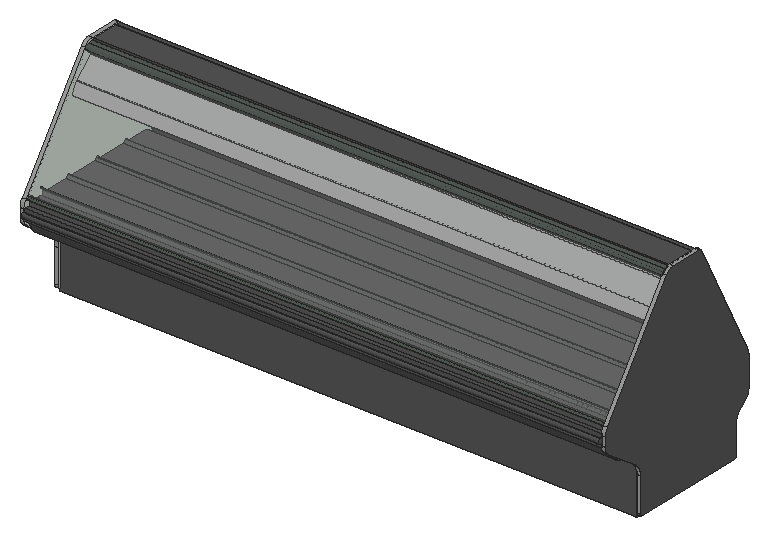
Revit family "ESGMS_2014", category Specialty Equipment, Revit 2014
Parameters (values of type "12'-0" Length")
  Width = 144 1/2"
  Waste Drain = 1 1/2"  # constant formula
  URL = "www.hussmann.com"
  Type Comments = "Elite"  # constant formula
  Trim = Stainless Steel
  Total Weight = Case Weight + (2 * End Weight)  # 1400.00 lbf
  Splashguard = Textured Sheet Metal (Steel Painted) - 701 Black
  Side Panel - Right [instance] = yes
  Side Panel - Left [instance] = yes
  Shelves = Sheet Metal (Steel Painted) - 701 Black
  Revit Family Date = "05/26/2016"  # constant formula
  Refrigeration Lines Suction = 5/8"  # constant formula
  Refrigeration Lines Liquid = 3/8"  # constant formula
  Refrig. Suction = "Suction"
  Refrig. Liquid = "Liquid"
  Number of Supports = if(Width < 50", 2, if(Width < 100", 3, 4))  # 4
  Note from Manufacturer = "This model only comes 4'-0\", 6'-0\", 8'-0\", and 12'-0\" lengths."
  Model URL = "http://www.hussmann.com/en/product%20viewer/display-cases/ESGMS,%20ESGSS"
  Model = "ESGMS"  # constant formula
  Manufacturer Disclaimer = "The information in this file is not intended to be an exact representation of the corresponding Hussmann product.  Further, we reserve the right to change or revise specifications and product design in connection with any feature of our products. Such changes do not entitle the buyer to corresponding changes, improvements, additions, or replacements for equipment previously sold or shipped."  # constant formula
  Manufacturer = "Hussmann Corporation"  # constant formula
  Location of Drain = if(Width < 144", 24 1/8", 72 1/4")  # 72 1/4"
  Light [instance] = yes
  Height = 52 1/8"  # constant formula
  Glazing = Glass
  Ends = Textured Sheet Metal (Steel Painted) - 701 Black
  End Weight = 100.00 lbf  # constant formula
  Door Frame = Plastic - 701 Black
  Description = "Straight Glass Service Case with Gravity Coil for Meat"  # constant formula
  Depth = 45 1/4"  # constant formula
  Cutsheet URL = "http://www.hussmann.com/en/Technical%20Documents/0522418_B_ESGMS.pdf"
  Case Weight = if(Width = 48 1/4", 600.00 lbf, if(Width = 72 3/8", 700.00 lbf, if(Width = 96 3/8", 1100.00 lbf, if(Width = 144 1/2", 1200.00 lbf, 0.00 lbf))))  # 1200.00 lbf
  Case Interior - Side Panel = Mirror
  Case Interior - Back Panel = Stainless Steel
  Case = Textured Sheet Metal (Steel Painted) - 701 Black
  Bumper = Extruded PVC - 701 Black
  Assembly Code = ""
  Accessories/Options = ""
  8 Case = Width = 96 3/8"  # no
  6 Case = Width = 72 3/8"  # no
  4 Case = Width = 48 1/4"  # no
  12 Case = Width = 144 1/2"  # yes
Reference planes (in)
  plane 1 "Back": y = 0
  plane 2 "Bottom": z = 0
  plane 3 "Left": x = -77.30699
  plane 4 "Front": y = -45.25
  plane 5 "Center (Left/Right)": x = -5.05699
  plane 6: x = -78.30699
  plane 7 "Right": x = 67.19301
  plane 8: x = 68.19301
  plane 9: z = 52.125
Forms (in)
  Extrusion 1, solid, material "Metal - Copper"
    sketch origin (63.0625, 1.04319, 0) x (1, 0, 0) y (0, 1, 0)
      loop
        arc (-68.11949, -26.54319) -> (-68.64982, -26.76286) -> (-68.86949, -27.29319) r 0.75
        arc (-68.86949, -27.29319) -> (-68.64982, -27.82352) -> (-68.11949, -28.04319) r 0.75
        arc (-68.11949, -28.04319) -> (-67.58916, -27.82352) -> (-67.36949, -27.29319) r 0.75
        arc (-67.36949, -27.29319) -> (-67.58916, -26.76286) -> (-68.11949, -26.54319) r 0.75
      loop
        circle (-68.11949, -27.29319) r 0.7102
    from 15.4495 to 14.2
  Extrusion 2, solid, material "Metal - Copper"
    sketch origin (57.40105, 5, -0.375) x (1, 0, 0) y (0, 1, 0)
      loop
        circle (1.22946, -34.375) r 0.28859
      loop
        circle (1.22946, -34.375) r 0.3125
    from 15.8245 to 0.375
  Extrusion 3, solid, material "Metal - Copper"
    sketch origin (59.82608, 5, -0.375) x (1, 0, 0) y (0, 1, 0)
      loop
        circle (-0.69557, -34.375) r 0.17188
      loop
        circle (-0.69557, -34.375) r 0.1875
    from 15.8245 to 0.375
  Extrusion 4, solid, material "Textured Sheet Metal (Steel Painted) - 701 Black" <- "Case"
    sketch origin (-5.05699, 0, 0) x (0, 1, 0) y (0, 0, 1)
      loop
        arc (-43.34613, 20.46649) -> (-40.36116, 16.18673) -> (-35.40912, 14.54243) r 8.279
        line (-35.40912, 14.54243) -> (-35.13012, 14.54243) -> (-35.13012, 15.12049) -> (-32.38472, 15.12049) -> (-32.38472, 13.03449) -> (-32.18041, 13.15244) -> (-31.84269, 12.56748) -> (-31.84269, 15.4495) -> (-5.46069, 15.4495) -> (-5.46069, 12.56949) -> (-2.20656, 12.56949) -> (-0.04964, 14.72641) -> (-0.05876, 19.34519) -> (0, 19.34519) -> (0, 20.00316) -> (-0.062, 20.00316) -> (-0.062, 23.22015) -> (-0.8415, 24.75) -> (-4.0439, 23.11829) -> (-5.2273, 25.44085) -> (-5.72181, 25.18889) -> (-5.51752, 24.78793) -> (-5.45069, 24.82198) -> (-5.62094, 25.15611) -> (-5.26008, 25.33998) -> (-4.01342, 22.89327) -> (-7.65194, 22.89327) -> (-7.65194, 23.03827) -> (-7.72694, 23.03827) -> (-7.72694, 22.81827) -> (-3.84453, 22.81827) -> (-4.17722, 22.64876) -> (-4.51207, 22.0258) -> (-4.51207, 21.52249) -> (-37.44744, 21.52249) -> (-37.44744, 23.4609) -> (-39.4766, 23.4609) -> (-39.4766, 24.2149) -> (-40.75586, 24.2149) -> (-40.75586, 24.26058) -> (-42.60732, 25.32952)
        arc (-42.60732, 25.32952) -> (-42.68944, 25.3331) -> (-42.73947, 25.2679) r 0.089
        line (-42.73947, 25.2679) -> (-43.05817, 23.46049) -> (-44.31609, 23.46049) -> (-44.31609, 20.46649) -> (-43.34613, 20.46649)
      loop
        line (-16.41514, 47.39822) -> (-13.21274, 49.02993) -> (-14.78962, 52.12472) -> (-15.85021, 52.12472) -> (-15.85021, 51.83972) -> (-22.93044, 51.83972) -> (-22.93044, 52.12472) -> (-23.04044, 52.12472) -> (-23.04044, 49.54858) -> (-17.51081, 49.54858) -> (-16.41514, 47.39822)
    from 72.25 to -72.25
  Extrusion 5, solid, material "Sheet Metal (Steel Painted) - 701 Black" <- "Shelves"
    sketch origin (-5.05699, 0, 0) x (0, 1, 0) y (0, 0, 1)
      loop
        line (-37.4476, 23.36548) -> (-37.4476, 23.03827) -> (-5.71614, 23.03827) -> (-6.32905, 24.55527) -> (-12.26216, 24.55527) -> (-12.84942, 25.14253)
        arc (-12.84942, 25.14253) -> (-12.89538, 25.16156) -> (-12.94134, 25.14253) r 0.065
        line (-12.94134, 25.14253) -> (-13.52859, 24.55527) -> (-21.26216, 24.55527) -> (-21.84942, 25.14253)
        arc (-21.84942, 25.14253) -> (-21.89538, 25.16156) -> (-21.94134, 25.14253) r 0.065
        line (-21.94134, 25.14253) -> (-22.52859, 24.55527) -> (-30.26216, 24.55527) -> (-30.84942, 25.14253)
        arc (-30.84942, 25.14253) -> (-30.89538, 25.16156) -> (-30.94134, 25.14253) r 0.065
        line (-30.94134, 25.14253) -> (-31.52859, 24.55527) -> (-38.8181, 24.55527) -> (-38.8181, 25.02035) -> (-38.88825, 25.02035) -> (-38.88825, 23.70998) -> (-37.57576, 23.70998)
        arc (-37.57576, 23.70998) -> (-37.40901, 23.61158) -> (-37.41453, 23.41803) r 0.1905
        line (-37.41453, 23.41803) -> (-37.4476, 23.36548)
    from 72.25 to -72.25
  Extrusion 6, solid, material "Glass" <- "Glazing"
    sketch origin (-5.05699, 0, 0) x (0, 1, 0) y (0, 0, 1)
      loop
        line (-39.4766, 23.4609) -> (-39.2266, 23.4609) -> (-39.2266, 25.8239)
        arc (-39.2266, 25.8239) -> (-39.3516, 25.9489) -> (-39.4766, 25.8239) r 0.125
        line (-39.4766, 25.8239) -> (-39.4766, 23.4609)
    from 72.25 to -72.25
  Extrusion 7, solid, material "Glass" <- "Glazing"
    sketch origin (-5.05699, 0, 0) x (0, 1, 0) y (0, 0, 1)
      loop
        line (-43.48057, 24.94084) -> (-43.28841, 24.80385) -> (-24.56718, 51.06366) -> (-24.75952, 51.20079) -> (-43.48057, 24.94084)
    from 72.25 to -72.25
  Extrusion 8, solid, material "Plastic - 701 Black" <- "Door Frame"
    sketch origin (-5.05699, 0, 0) x (0, 1, 0) y (0, 0, 1)
      loop
        line (-42.92793, 24.66558) -> (-42.80809, 25.34521) -> (-42.87066, 25.38981) -> (-43.28841, 24.80385) -> (-43.48057, 24.94084) -> (-43.0632, 25.5263) -> (-43.11366, 25.56227) -> (-43.53024, 24.97795)
        arc (-43.53024, 24.97795) -> (-43.54114, 24.93068) -> (-43.51542, 24.88954) r 0.06338
        line (-43.51542, 24.88954) -> (-43.31336, 24.74549)
        arc (-43.31336, 24.74549) -> (-43.26859, 24.73517) -> (-43.22962, 24.75953) r 0.06004
        line (-43.22962, 24.75953) -> (-43.21066, 24.78613)
        arc (-43.21066, 24.78613) -> (-43.16785, 24.81289) -> (-43.11865, 24.80155) r 0.06597
        line (-43.11865, 24.80155) -> (-42.92793, 24.66558)
      loop
        line (-25.05791, 50.37532) -> (-24.88164, 50.24951)
        arc (-24.88164, 50.24951) -> (-24.86696, 50.24611) -> (-24.85418, 50.25409) r 0.01969
        line (-24.85418, 50.25409) -> (-24.74903, 50.40142) -> (-24.39718, 49.82687)
        arc (-24.39718, 49.82687) -> (-24.31317, 49.73615) -> (-24.2007, 49.68476) r 0.31496
        line (-24.2007, 49.68476) -> (-23.51668, 49.52387)
        arc (-23.51668, 49.52387) -> (-22.59926, 49.42369) -> (-21.68488, 49.54858) r 3.78388
        line (-21.68488, 49.54858) -> (-23.04044, 49.54858) -> (-23.04044, 50.09559)
        arc (-23.04044, 50.09559) -> (-23.11333, 50.10553) -> (-23.18597, 50.11718) r 3.15396
        line (-23.18597, 50.11718) -> (-23.18597, 51.88199)
        arc (-23.18597, 51.88199) -> (-23.19704, 51.90935) -> (-23.22401, 51.92134) r 0.03937
        arc (-23.22401, 51.92134) -> (-23.8344, 51.87783) -> (-24.4223, 51.70797) r 2.91774
        arc (-24.4223, 51.70797) -> (-25.03088, 51.2776) -> (-25.32866, 50.59428) r 1.38647
        arc (-25.32866, 50.59428) -> (-25.32477, 50.57019) -> (-25.30799, 50.55247) r 0.04142
        line (-25.30799, 50.55247) -> (-25.25081, 50.51166) -> (-24.75952, 51.20079) -> (-24.56718, 51.06366) -> (-25.05791, 50.37532)
    from 72.25 to -72.25
  Extrusion 9, solid, material "Extruded PVC - 701 Black" <- "Bumper"
    sketch origin (-5.05699, 0, 0) x (0, 1, 0) y (0, 0, 1)
      loop
        arc (-44.69659, 22.55399) -> (-45.25009, 22.00049) -> (-44.69659, 21.44699) r 0.5535
        line (-44.69659, 21.44699) -> (-44.31609, 21.44699) -> (-44.31609, 22.55399) -> (-44.69659, 22.55399)
    from 72.25 to -72.25
  Extrusion 10, solid, material "Sheet Metal (Steel Painted) - 701 Black" <- "Shelves"
    sketch origin (-5.05699, 0, 0) x (0, 1, 0) y (0, 0, 1)
      loop
        line (-22.93044, 51.83972) -> (-15.85021, 51.83972) -> (-15.85021, 52.12472) -> (-22.93044, 52.12472) -> (-22.93044, 51.83972)
    from 72.25 to -72.25
  Extrusion 11, solid, material "Textured Sheet Metal (Steel Painted) - 701 Black" <- "Splashguard"
    sketch origin (-5.05699, 0, 0) x (0, 1, 0) y (0, 0, 1)
      loop
        line (-33.24969, 0.071) -> (-33.04469, 0.071) -> (-33.04469, 0) -> (-31.84269, 0) -> (-31.84269, 5) -> (-31.91369, 5) -> (-31.91369, 0.071) -> (-32.51669, 0.071) -> (-32.51669, 0.5) -> (-32.56279, 0.5) -> (-32.56279, 0.1) -> (-32.82069, 0.1) -> (-32.82069, 14.6) -> (-32.56279, 14.6) -> (-32.56279, 14.2) -> (-32.51669, 14.2) -> (-32.51669, 14.629) -> (-33.0154, 14.629) -> (-33.0154, 15.12049) -> (-33.6714, 15.12049) -> (-33.6714, 15.04949) -> (-33.0864, 15.04949) -> (-33.0864, 14.629) -> (-33.24969, 14.629) -> (-33.24969, 0.071)
      loop
        line (-4.00019, 0.071) -> (-4.00019, 11.929) -> (-4.24596, 11.929) -> (-4.24596, 12.47249) -> (-2.37596, 12.47249) -> (-2.37596, 11.89128) -> (-2.73177, 11.89128) -> (-2.73177, 11.84428) -> (-2.23177, 11.84428) -> (-2.23177, 12.56949) -> (-4.34296, 12.56949) -> (-4.34296, 11.929) -> (-4.73319, 11.929) -> (-4.73319, 11.5) -> (-4.68708, 11.5) -> (-4.68708, 11.9) -> (-4.42919, 11.9) -> (-4.42919, 0.1) -> (-4.68708, 0.1) -> (-4.68708, 0.5) -> (-4.73319, 0.5) -> (-4.73319, 0.071) -> (-5.38969, 0.071) -> (-5.38969, 5) -> (-5.46069, 5) -> (-5.46069, 0) -> (-4.25869, 0) -> (-4.25869, 0.071) -> (-4.00019, 0.071)
    from 72.25 to -72.25
  Extrusion 12, solid, material "Stainless Steel"
    sketch origin (-5.05699, 0, 0) x (0, 1, 0) y (0, 0, 1)
      loop
        line (-21.37668, 40.98157) -> (-15.62579, 40.44983) -> (-15.61263, 40.47769) -> (-15.16052, 40.26415) -> (-14.94698, 40.71626) -> (-15.39909, 40.9298) -> (-14.86972, 42.05057) -> (-14.92216, 42.07534) -> (-15.21813, 41.44872) -> (-16.56707, 42.08586) -> (-15.37275, 42.08586) -> (-15.37275, 44.52386) -> (-15.62175, 44.52386) -> (-15.62175, 45.8411) -> (-17.51081, 49.54858) -> (-20.10086, 49.54858) -> (-21.75058, 47.89886) -> (-22.56399, 47.89886) -> (-22.56399, 48.88614) -> (-23.80443, 48.88614) -> (-28.30349, 44.83517) -> (-29.65615, 42.29118) -> (-29.62525, 42.27475) -> (-28.27548, 44.81329) -> (-28.10211, 44.96939) -> (-28.10211, 44.28536) -> (-26.65711, 44.28536) -> (-26.65711, 44.92586) -> (-25.46475, 44.92586) -> (-25.46475, 43.45478) -> (-25.61032, 43.52354) -> (-25.75599, 43.21514) -> (-25.72774, 43.20179) -> (-25.59445, 43.48398) -> (-25.0136, 43.20962) -> (-25.21064, 42.79245) -> (-21.37668, 40.98157)
    from 72.25 to -72.25
  Extrusion 13, solid, material "Textured Sheet Metal (Steel Painted) - 701 Black" <- "Ends", visible <- "Side Panel - Left"
    sketch origin (-77.30699, 0, 0) x (0, 1, 0) y (0, 0, 1)
      loop
        line (-32.89791, 0.4887) -> (-4.14206, 0.4887)
        arc (-4.14206, 0.4887) -> (-3.78851, 0.63514) -> (-3.64207, 0.98869) r 0.5
        line (-3.64207, 0.98869) -> (-3.64207, 8.16699)
        arc (-3.64207, 8.16699) -> (-3.06333, 10.22371) -> (-1.49697, 11.67683) r 3.94397
        arc (-1.49697, 11.67683) -> (-0.18141, 12.89728) -> (0.30466, 14.62468) r 3.31248
        line (0.30466, 14.62468) -> (0.30466, 22.22591)
        arc (0.30466, 22.22591) -> (0.21315, 22.99908) -> (-0.05632, 23.72952) r 3.31198
        line (-0.05632, 23.72952) -> (-14.52298, 52.12193)
        arc (-14.52298, 52.12193) -> (-14.61347, 52.20685) -> (-14.73367, 52.2377) r 0.24961
        line (-14.73367, 52.2377) -> (-22.87625, 52.2377)
        arc (-22.87625, 52.2377) -> (-24.13372, 51.93336) -> (-25.11286, 51.08771) r 2.74998
        line (-25.11286, 51.08771) -> (-43.68541, 25.13153)
        arc (-43.68541, 25.13153) -> (-44.15454, 24.1983) -> (-44.31607, 23.16636) r 3.37709
        line (-44.31607, 23.16636) -> (-44.31607, 20.76607)
        arc (-44.31607, 20.76607) -> (-44.0528, 19.67924) -> (-43.32137, 18.83337) r 2.37497
        line (-43.32137, 18.83337) -> (-34.99939, 12.89011)
        arc (-34.99939, 12.89011) -> (-33.81409, 11.49252) -> (-33.38835, 9.71011) r 3.94397
        line (-33.38835, 9.71011) -> (-33.38835, 1.32284)
        arc (-33.38835, 1.32284) -> (-33.38173, 0.76548) -> (-32.89791, 0.4887) r 0.56125
    from 0 to -1
  Extrusion 14, solid, material "Textured Sheet Metal (Steel Painted) - 701 Black" <- "Ends", visible <- "Side Panel - Right"
    sketch origin (67.19301, 0, 0) x (0, 0, 1) y (0, -1, 0)
      loop
        line (0.4887, 32.88835) -> (0.4887, 4.14206)
        arc (0.4887, 4.14206) -> (0.63514, 3.78851) -> (0.98869, 3.64207) r 0.5
        line (0.98869, 3.64207) -> (8.16699, 3.64207)
        arc (8.16699, 3.64207) -> (10.22371, 3.06333) -> (11.67683, 1.49697) r 3.94397
        arc (11.67683, 1.49697) -> (12.89728, 0.18141) -> (14.62468, -0.30466) r 3.31248
        line (14.62468, -0.30466) -> (22.22591, -0.30466)
        arc (22.22591, -0.30466) -> (22.99908, -0.21315) -> (23.72952, 0.05632) r 3.31198
        line (23.72952, 0.05632) -> (52.12193, 14.52298)
        arc (52.12193, 14.52298) -> (52.20685, 14.61347) -> (52.2377, 14.73367) r 0.24961
        line (52.2377, 14.73367) -> (52.2377, 22.87625)
        arc (52.2377, 22.87625) -> (51.93336, 24.13372) -> (51.08771, 25.11286) r 2.74998
        line (51.08771, 25.11286) -> (25.12453, 43.68603)
        arc (25.12453, 43.68603) -> (24.19202, 44.1547) -> (23.16091, 44.31607) r 3.37497
        line (23.16091, 44.31607) -> (20.76607, 44.31607)
        arc (20.76607, 44.31607) -> (19.67925, 44.0528) -> (18.83337, 43.32137) r 2.37497
        line (18.83337, 43.32137) -> (12.89011, 34.99939)
        arc (12.89011, 34.99939) -> (11.49252, 33.81409) -> (9.71011, 33.38835) r 3.94397
        line (9.71011, 33.38835) -> (0.98869, 33.38835)
        arc (0.98869, 33.38835) -> (0.63514, 33.2419) -> (0.4887, 32.88835) r 0.5
    from 1 to 0
  Extrusion 15, solid, material "Stainless Steel" <- "Case Interior - Back Panel", visible <- "8 Case"
    sketch origin (-5.05699, 0, 0) x (0, 1, 0) y (0, 0, 1)
      loop
        line (-4.0439, 23.11829) -> (-0.8415, 24.75) -> (-13.21274, 49.02993) -> (-16.41514, 47.39822) -> (-4.0439, 23.11829)
    from -48.1875 to -47.59375
  Extrusion 16, solid, material "Stainless Steel" <- "Case Interior - Back Panel", visible <- "6 Case"
    sketch origin (-5.05699, 0, 0) x (0, 1, 0) y (0, 0, 1)
      loop
        line (-4.0439, 23.11829) -> (-0.8415, 24.75) -> (-13.21274, 49.02993) -> (-16.41514, 47.39822) -> (-4.0439, 23.11829)
    from -35.5 to -36.1875
  Extrusion 17, solid, material "Stainless Steel" <- "Case Interior - Back Panel", visible <- "12 Case"
    sketch origin (-5.05699, 0, 0) x (0, 1, 0) y (0, 0, 1)
      loop
        line (-4.0439, 23.11829) -> (-0.8415, 24.75) -> (-13.21274, 49.02993) -> (-16.41514, 47.39822) -> (-4.0439, 23.11829)
    from 0.625 to -0.625
  Extrusion 18, solid, material "Stainless Steel" <- "Case Interior - Back Panel", visible <- "12 Case"
    sketch origin (-5.05699, 0, 0) x (0, 1, 0) y (0, 0, 1)
      loop
        line (-4.0439, 23.11829) -> (-0.8415, 24.75) -> (-13.21274, 49.02993) -> (-16.41514, 47.39822) -> (-4.0439, 23.11829)
    from -71.625 to -72.25
  Extrusion 19, solid, material "Stainless Steel" <- "Case Interior - Back Panel", visible <- "12 Case"
    sketch origin (-5.05699, 0, 0) x (0, 1, 0) y (0, 0, 1)
      loop
        line (-4.0439, 23.11829) -> (-0.8415, 24.75) -> (-13.21274, 49.02993) -> (-16.41514, 47.39822) -> (-4.0439, 23.11829)
    from 72.25 to 71.625
  Extrusion 20, solid, material "Stainless Steel" <- "Case Interior - Back Panel", visible <- "12 Case", not visible
    sketch origin (-5.05699, -39, 0) x (0, 1, 0) y (0, 0, 1)
      loop
        line (-4.0439, 23.11829) -> (-0.8415, 24.75) -> (-13.21274, 49.02993) -> (-16.41514, 47.39822) -> (-4.0439, 23.11829)
    from 0.625 to -0.625
  Extrusion 21, solid, material "Stainless Steel" <- "Case Interior - Back Panel", visible <- "12 Case", not visible
    sketch origin (-5.05699, -39, 0) x (0, 1, 0) y (0, 0, 1)
      loop
        line (-4.0439, 23.11829) -> (-0.8415, 24.75) -> (-13.21274, 49.02993) -> (-16.41514, 47.39822) -> (-4.0439, 23.11829)
    from -71.625 to -72.25
  Extrusion 22, solid, material "Stainless Steel" <- "Case Interior - Back Panel", visible <- "12 Case", not visible
    sketch origin (-5.05699, -39, 0) x (0, 1, 0) y (0, 0, 1)
      loop
        line (-4.0439, 23.11829) -> (-0.8415, 24.75) -> (-13.21274, 49.02993) -> (-16.41514, 47.39822) -> (-4.0439, 23.11829)
    from 72.25 to 71.625
  Extrusion 23, solid, material "Stainless Steel" <- "Case Interior - Back Panel", visible <- "6 Case"
    sketch origin (-5.05699, 0, 0) x (0, 1, 0) y (0, 0, 1)
      loop
        line (-4.0439, 23.11829) -> (-0.8415, 24.75) -> (-13.21274, 49.02993) -> (-16.41514, 47.39822) -> (-4.0439, 23.11829)
    from 36.1875 to 35.5
  Extrusion 24, solid, material "Stainless Steel" <- "Case Interior - Back Panel", visible <- "6 Case", not visible
    sketch origin (-5.05699, 40.54873, 0) x (0, 1, 0) y (0, 0, 1)
      loop
        line (-4.0439, 23.11829) -> (-0.8415, 24.75) -> (-13.21274, 49.02993) -> (-16.41514, 47.39822) -> (-4.0439, 23.11829)
    from -35.5 to -36.1875
  Extrusion 25, solid, material "Stainless Steel" <- "Case Interior - Back Panel", visible <- "6 Case", not visible
    sketch origin (-5.05699, 40.54873, 0) x (0, 1, 0) y (0, 0, 1)
      loop
        line (-4.0439, 23.11829) -> (-0.8415, 24.75) -> (-13.21274, 49.02993) -> (-16.41514, 47.39822) -> (-4.0439, 23.11829)
    from 36.1875 to 35.5
  Extrusion 26, solid, material "Stainless Steel" <- "Case Interior - Back Panel", visible <- "8 Case"
    sketch origin (-5.05699, 0, 0) x (0, 1, 0) y (0, 0, 1)
      loop
        line (-4.0439, 23.11829) -> (-0.8415, 24.75) -> (-13.21274, 49.02993) -> (-16.41514, 47.39822) -> (-4.0439, 23.11829)
    from -0.59375 to 0.59375
  Extrusion 27, solid, material "Stainless Steel" <- "Case Interior - Back Panel", visible <- "8 Case"
    sketch origin (-5.05699, 0, 0) x (0, 1, 0) y (0, 0, 1)
      loop
        line (-4.0439, 23.11829) -> (-0.8415, 24.75) -> (-13.21274, 49.02993) -> (-16.41514, 47.39822) -> (-4.0439, 23.11829)
    from 47.59375 to 48.1875
  Extrusion 28, solid, material "Stainless Steel" <- "Case Interior - Back Panel", visible <- "8 Case", not visible
    sketch origin (-5.05699, -67, 0) x (0, 1, 0) y (0, 0, 1)
      loop
        line (-4.0439, 23.11829) -> (-0.8415, 24.75) -> (-13.21274, 49.02993) -> (-16.41514, 47.39822) -> (-4.0439, 23.11829)
    from -48.1875 to -47.59375
  Extrusion 29, solid, material "Stainless Steel" <- "Case Interior - Back Panel", visible <- "8 Case", not visible
    sketch origin (-5.05699, -67, 0) x (0, 1, 0) y (0, 0, 1)
      loop
        line (-4.0439, 23.11829) -> (-0.8415, 24.75) -> (-13.21274, 49.02993) -> (-16.41514, 47.39822) -> (-4.0439, 23.11829)
    from -0.59375 to 0.59375
  Extrusion 30, solid, material "Stainless Steel" <- "Case Interior - Back Panel", visible <- "8 Case", not visible
    sketch origin (-5.05699, -67, 0) x (0, 1, 0) y (0, 0, 1)
      loop
        line (-4.0439, 23.11829) -> (-0.8415, 24.75) -> (-13.21274, 49.02993) -> (-16.41514, 47.39822) -> (-4.0439, 23.11829)
    from 47.59375 to 48.1875
  Extrusion 31, solid, material "Stainless Steel" <- "Case Interior - Back Panel", visible <- "4 Case"
    sketch origin (-5.05699, 0, 0) x (0, 1, 0) y (0, 0, 1)
      loop
        line (-4.0439, 23.11829) -> (-0.8415, 24.75) -> (-13.21274, 49.02993) -> (-16.41514, 47.39822) -> (-4.0439, 23.11829)
    from -23.5 to -24.125
  Extrusion 32, solid, material "Stainless Steel" <- "Case Interior - Back Panel", visible <- "4 Case"
    sketch origin (-5.05699, 0, 0) x (0, 1, 0) y (0, 0, 1)
      loop
        line (-4.0439, 23.11829) -> (-0.8415, 24.75) -> (-13.21274, 49.02993) -> (-16.41514, 47.39822) -> (-4.0439, 23.11829)
    from 24.125 to 23.5
  Extrusion 33, solid, material "Stainless Steel" <- "Case Interior - Back Panel", visible <- "4 Case", not visible
    sketch origin (-5.05699, 24, 0) x (0, 1, 0) y (0, 0, 1)
      loop
        line (-4.0439, 23.11829) -> (-0.8415, 24.75) -> (-13.21274, 49.02993) -> (-16.41514, 47.39822) -> (-4.0439, 23.11829)
    from -23.5 to -24.125
  Extrusion 34, solid, material "Stainless Steel" <- "Case Interior - Back Panel", visible <- "4 Case", not visible
    sketch origin (-5.05699, 24, 0) x (0, 1, 0) y (0, 0, 1)
      loop
        line (-4.0439, 23.11829) -> (-0.8415, 24.75) -> (-13.21274, 49.02993) -> (-16.41514, 47.39822) -> (-4.0439, 23.11829)
    from 24.125 to 23.5
Lines and regions (in)
  reference lines
    curve 1: line (-73.68199, -45.25, 0) -> (-73.68199, 0, 0)
    curve 2: line (-5.05699, -45.25, 0) -> (-5.05699, 0, 0)
    curve 3: line (63.56801, -45.25, 0) -> (63.56801, 0, 0)
    curve 4: line (58.94301, -45.25, 0) -> (58.94301, 0, 0)
    curve 5: line (-77.30699, -26.25, 0) -> (67.19301, -26.25, 0)
    curve 6: line (67.19301, -29.375, 0) -> (-77.30699, -29.375, 0)
Dimensions and locks (in)
  equal spacing: plane 3 "Left", plane 5 "Center (Left/Right)", plane 7 "Right"
  locked: plane 6 to plane 3 "Left" at 1
  "Width": plane 3 "Left" to plane 7 "Right"
  locked: plane 3 "Left" to curve 1 at 3.625
  locked: curve 3 to plane 7 "Right" at 3.625
  "Location of Drain": curve 2 to plane 7 "Right"
  "Depth": plane 4 "Front" to plane 1 "Back"
  locked: curve 4 to plane 7 "Right" at 8.25
  "Height": plane 9 to level
  locked: plane 1 "Back" to curve 5 at 26.25
  locked: plane 1 "Back" to curve 6 at 29.375
  locked: plane 7 "Right" to plane 8 at 1
  locked: Extrusion 1 sketch curve to Extrusion 1 sketch curve at 0.0398
  locked: Extrusion 3 sketch curve to Extrusion 3 sketch curve at 0.01562
  locked: Extrusion 2 sketch curve to Extrusion 2 sketch curve at 0.02391
  locked: nested 1 to plane 1 "Back" at 5.46069
  equal spacing: group 1, group 11, group 12, group 2  (x3)
  Extrusion 4 to Extrusion 4 = 27 1/4"
  "Waste Drain": diameter of Extrusion 1 sketch curve
  "Refrigeration Lines Liquid": diameter of Extrusion 3 sketch curve
  "Refrigeration Lines Suction": diameter of Extrusion 2 sketch curve
  aligned and locked: plane 4 "Front" to curve 2
  aligned and locked: plane 4 "Front" to curve 3
  aligned and locked: plane 4 "Front" to curve 1
  aligned and locked: plane 3 "Left" to curve 5
  aligned and locked: plane 3 "Left" to curve 6
  aligned and locked: plane 7 "Right" to curve 6
  aligned and locked: plane 7 "Right" to curve 5
  aligned and locked: Extrusion 2 to level
  aligned and locked: Extrusion 3 to level
  aligned and locked: curve 6 to Extrusion 3 sketch curve  (x4)
  aligned and locked: curve 6 to Extrusion 2 sketch curve  (x4)
  aligned and locked: curve 5 to Extrusion 1 sketch curve  (x3)
  aligned and locked: curve 2 to Extrusion 1 sketch curve
  aligned and locked: curve 4 to Extrusion 3 sketch curve
  aligned and locked: curve 4 to Extrusion 2 sketch curve
  aligned and locked: curve 1 to nested 1
  aligned and locked: curve 3 to nested 2
  aligned and locked: nested 1 to nested 2
  aligned and locked: Extrusion 4 to plane 3 "Left"
  aligned and locked: plane 7 "Right" to Extrusion 4
  aligned and locked: Extrusion 5 to plane 3 "Left"
  aligned and locked: plane 7 "Right" to Extrusion 5
  aligned and locked: Extrusion 6 to plane 3 "Left"
  aligned and locked: plane 7 "Right" to Extrusion 6
  aligned and locked: Extrusion 7 to plane 3 "Left"
  aligned and locked: plane 7 "Right" to Extrusion 7
  aligned and locked: Extrusion 8 to plane 3 "Left"
  aligned and locked: plane 7 "Right" to Extrusion 8
  aligned and locked: Extrusion 9 to plane 3 "Left"
  aligned and locked: plane 7 "Right" to Extrusion 9
  aligned and locked: Extrusion 10 to plane 3 "Left"
  aligned and locked: plane 7 "Right" to Extrusion 10
  aligned and locked: Extrusion 11 to plane 3 "Left"
  aligned and locked: plane 7 "Right" to Extrusion 11
  aligned and locked: Extrusion 12 to plane 3 "Left"
  aligned and locked: plane 7 "Right" to Extrusion 12
  aligned and locked: plane 3 "Left" to nested 3
  aligned and locked: plane 6 to Extrusion 13
  aligned and locked: plane 3 "Left" to Extrusion 13
  aligned and locked: plane 8 to Extrusion 14
  aligned and locked: Extrusion 14 to plane 7 "Right"
Automatic sketch dimensions
  Extrusion 15 sketch curve to Extrusion 15 sketch curve = 3.2024"
  Extrusion 15 sketch curve to Extrusion 15 sketch curve = 1.63171"
  Extrusion 16 sketch curve to Extrusion 16 sketch curve = 3.2024"
  Extrusion 17 sketch curve to Extrusion 17 sketch curve = 3.2024"
  Extrusion 18 sketch curve to Extrusion 18 sketch curve = 3.2024"
  Extrusion 19 sketch curve to Extrusion 19 sketch curve = 3.2024"
  Extrusion 17 sketch curve to Extrusion 17 sketch curve = 12.37124"
  Extrusion 17 sketch curve to Extrusion 17 sketch curve = 1.63171"
  Extrusion 18 sketch curve to Extrusion 18 sketch curve = 12.37124"
  Extrusion 18 sketch curve to Extrusion 18 sketch curve = 1.63171"
  Extrusion 19 sketch curve to Extrusion 19 sketch curve = 12.37124"
  Extrusion 19 sketch curve to Extrusion 19 sketch curve = 1.63171"
  Extrusion 20 sketch curve to Extrusion 20 sketch curve = 3.2024"
  Extrusion 21 sketch curve to Extrusion 21 sketch curve = 3.2024"
  Extrusion 22 sketch curve to Extrusion 22 sketch curve = 3.2024"
  Extrusion 20 sketch curve to Extrusion 20 sketch curve = 12.37124"
  Extrusion 20 sketch curve to Extrusion 20 sketch curve = 1.63171"
  Extrusion 21 sketch curve to Extrusion 21 sketch curve = 12.37124"
  Extrusion 21 sketch curve to Extrusion 21 sketch curve = 1.63171"
  Extrusion 22 sketch curve to Extrusion 22 sketch curve = 12.37124"
  Extrusion 22 sketch curve to Extrusion 22 sketch curve = 1.63171"
  Extrusion 23 sketch curve to Extrusion 23 sketch curve = 3.2024"
  Extrusion 16 sketch curve to Extrusion 16 sketch curve = 12.37124"
  Extrusion 16 sketch curve to Extrusion 16 sketch curve = 1.63171"
  Extrusion 23 sketch curve to Extrusion 23 sketch curve = 12.37124"
  Extrusion 23 sketch curve to Extrusion 23 sketch curve = 1.63171"
  Extrusion 24 sketch curve to Extrusion 24 sketch curve = 3.2024"
  Extrusion 25 sketch curve to Extrusion 25 sketch curve = 3.2024"
  Extrusion 24 sketch curve to Extrusion 24 sketch curve = 12.37124"
  Extrusion 24 sketch curve to Extrusion 24 sketch curve = 1.63171"
  Extrusion 25 sketch curve to Extrusion 25 sketch curve = 12.37124"
  Extrusion 25 sketch curve to Extrusion 25 sketch curve = 1.63171"
  Extrusion 26 sketch curve to Extrusion 26 sketch curve = 3.2024"
  Extrusion 26 sketch curve to Extrusion 26 sketch curve = 1.63171"
  Extrusion 27 sketch curve to Extrusion 27 sketch curve = 3.2024"
  Extrusion 27 sketch curve to Extrusion 27 sketch curve = 1.63171"
  Extrusion 15 sketch curve to Extrusion 15 sketch curve = 12.37124"
  Extrusion 26 sketch curve to Extrusion 26 sketch curve = 12.37124"
  Extrusion 27 sketch curve to Extrusion 27 sketch curve = 12.37124"
  Extrusion 28 sketch curve to Extrusion 28 sketch curve = 3.2024"
  Extrusion 28 sketch curve to Extrusion 28 sketch curve = 1.63171"
  Extrusion 29 sketch curve to Extrusion 29 sketch curve = 3.2024"
  Extrusion 29 sketch curve to Extrusion 29 sketch curve = 1.63171"
  Extrusion 30 sketch curve to Extrusion 30 sketch curve = 3.2024"
  Extrusion 30 sketch curve to Extrusion 30 sketch curve = 1.63171"
  Extrusion 28 sketch curve to Extrusion 28 sketch curve = 12.37124"
  Extrusion 29 sketch curve to Extrusion 29 sketch curve = 12.37124"
  Extrusion 30 sketch curve to Extrusion 30 sketch curve = 12.37124"
  Extrusion 4 sketch curve to plane 1 "Back" = 0"
  plane 1 "Back" to Extrusion 4 sketch curve = 0.04964"
  Extrusion 4 sketch curve to Extrusion 4 sketch curve = 0.05876"
  Extrusion 4 sketch curve to Extrusion 4 sketch curve = 0.062"
  plane 1 "Back" to Extrusion 4 sketch curve = 0.8415"
  plane 1 "Back" to Extrusion 4 sketch curve = 2.20656"
  Extrusion 4 sketch curve to Extrusion 4 sketch curve = 3.00303"
  Extrusion 4 sketch curve to Extrusion 4 sketch curve = 0.16889"
  Extrusion 4 sketch curve to Extrusion 4 sketch curve = 0.03048"
  Extrusion 4 sketch curve to Extrusion 4 sketch curve = 0.1638"
  Extrusion 4 sketch curve to Extrusion 4 sketch curve = 0.33486"
  Extrusion 4 sketch curve to Extrusion 4 sketch curve = 1.1834"
  Extrusion 4 sketch curve to Extrusion 4 sketch curve = 0.03278"
  Extrusion 4 sketch curve to Extrusion 4 sketch curve = 0.19061"
  Extrusion 4 sketch curve to Extrusion 4 sketch curve = 3.25412"
  Extrusion 4 sketch curve to Extrusion 4 sketch curve = 0.06683"
  Extrusion 4 sketch curve to Extrusion 4 sketch curve = 0.17025"
  Extrusion 4 sketch curve to Extrusion 4 sketch curve = 0.10087"  (x2)
  Extrusion 4 sketch curve to Extrusion 4 sketch curve = 2.13442"
  Extrusion 4 sketch curve to Extrusion 4 sketch curve = 0.075"  (x2)
  plane 1 "Back" to Extrusion 4 sketch curve = 13.21274"
  Extrusion 4 sketch curve to Extrusion 4 sketch curve = 1.57688"
  Extrusion 4 sketch curve to Extrusion 4 sketch curve = 1.0606"
  Extrusion 4 sketch curve to Extrusion 4 sketch curve = 1.09566"
  Extrusion 4 sketch curve to Extrusion 4 sketch curve = 5.41964"
  Extrusion 4 sketch curve to Extrusion 4 sketch curve = 0.11"
  plane 4 "Front" to Extrusion 4 sketch curve = 13.40731"
  Extrusion 4 sketch curve to Extrusion 4 sketch curve = 0.33773"
  Extrusion 4 sketch curve to Extrusion 4 sketch curve = 0.20431"
  Extrusion 4 sketch curve to Extrusion 4 sketch curve = 2.7454"
  Extrusion 4 sketch curve to Extrusion 4 sketch curve = 0.279"
  Extrusion 4 sketch curve to Extrusion 4 sketch curve = 2.03832"
  Extrusion 4 sketch curve to Extrusion 4 sketch curve = 2.02916"
  Extrusion 4 sketch curve to Extrusion 4 sketch curve = 1.27926"
  Extrusion 4 sketch curve to Extrusion 4 sketch curve = 1.85146"
  Extrusion 4 sketch curve to Extrusion 4 sketch curve = 0.0445"
  Extrusion 4 sketch curve to Extrusion 4 sketch curve = 0.08765"
  Extrusion 4 sketch curve to Extrusion 4 sketch curve = 0.31869"
  plane 4 "Front" to Extrusion 4 sketch curve = 1.90387"
  plane 4 "Front" to Extrusion 4 sketch curve = 0.93391"
  Extrusion 4 sketch curve to Extrusion 4 sketch curve = 21.95737"
  level to Extrusion 4 sketch curve = 25.32952"
  Extrusion 4 sketch curve to Extrusion 4 sketch curve = 0.06162"
  Extrusion 4 sketch curve to Extrusion 4 sketch curve = 1.06894"
  Extrusion 4 sketch curve to Extrusion 4 sketch curve = 0.04568"
  Extrusion 4 sketch curve to Extrusion 4 sketch curve = 0.754"
  Extrusion 4 sketch curve to Extrusion 4 sketch curve = 1.80741"
  Extrusion 4 sketch curve to Extrusion 4 sketch curve = 0.145"
  Extrusion 4 sketch curve to Extrusion 4 sketch curve = 0.63947"
  Extrusion 4 sketch curve to Extrusion 4 sketch curve = 0.24451"
  Extrusion 4 sketch curve to Extrusion 4 sketch curve = 0.62296"
  Extrusion 4 sketch curve to Extrusion 4 sketch curve = 0.50331"
  Extrusion 4 sketch curve to Extrusion 4 sketch curve = 2.994"
  Extrusion 4 sketch curve to Extrusion 4 sketch curve = 3.21699"
  Extrusion 4 sketch curve to Extrusion 4 sketch curve = 0.65798"
  Extrusion 4 sketch curve to Extrusion 4 sketch curve = 0.90707"
  Extrusion 4 sketch curve to Extrusion 4 sketch curve = 0.32901"
  Extrusion 4 sketch curve to Extrusion 4 sketch curve = 4.61877"
  Extrusion 4 sketch curve to Extrusion 4 sketch curve = 1.96804"
  Extrusion 4 sketch curve to Extrusion 4 sketch curve = 0.11796"
  Extrusion 4 sketch curve to Extrusion 4 sketch curve = 2.15693"
  plane 4 "Front" to Extrusion 5 sketch curve = 6.36175"
  Extrusion 5 sketch curve to Extrusion 5 sketch curve = 0.07016"
  Extrusion 5 sketch curve to Extrusion 5 sketch curve = 1 5/16"
  Extrusion 5 sketch curve to Extrusion 5 sketch curve = 0.12816"
  Extrusion 5 sketch curve to Extrusion 5 sketch curve = 0.03307"
  Extrusion 5 sketch curve to Extrusion 5 sketch curve = 5.88594"
  Extrusion 5 sketch curve to Extrusion 5 sketch curve = 0.58725"  (x6)
  Extrusion 5 sketch curve to Extrusion 5 sketch curve = 0.04596"  (x9)
  Extrusion 5 sketch curve to Extrusion 5 sketch curve = 7.73357"  (x2)
  Extrusion 5 sketch curve to Extrusion 5 sketch curve = 5.93311"
  Extrusion 5 sketch curve to Extrusion 5 sketch curve = 0.61291"
  level to Extrusion 5 sketch curve = 23.03827"
  Extrusion 5 sketch curve to Extrusion 5 sketch curve = 0.32721"
  Extrusion 5 sketch curve to Extrusion 5 sketch curve = 0.05255"
  Extrusion 5 sketch curve to Extrusion 5 sketch curve = 0.10146"
  Extrusion 5 sketch curve to Extrusion 5 sketch curve = 0.84529"
  Extrusion 5 sketch curve to Extrusion 5 sketch curve = 1.517"
  Extrusion 5 sketch curve to Extrusion 5 sketch curve = 0"  (x2)
  Extrusion 5 sketch curve to Extrusion 5 sketch curve = 0.46508"
  Extrusion 5 sketch curve to Extrusion 5 sketch curve = 0.54129"  (x3)
  plane 4 "Front" to Extrusion 6 sketch curve = 5.7734"
  Extrusion 6 sketch curve to Extrusion 6 sketch curve = 1/8"
  level to Extrusion 6 sketch curve = 23.4609"
  Extrusion 6 sketch curve to Extrusion 6 sketch curve = 2.363"
  plane 4 "Front" to Extrusion 9 sketch curve = 0.55341"
  Extrusion 9 sketch curve to Extrusion 9 sketch curve = 0.3805"
  level to Extrusion 9 sketch curve = 21.44699"
  Extrusion 9 sketch curve to Extrusion 9 sketch curve = 0.5535"
  plane 4 "Front" to Extrusion 10 sketch curve = 22.31956"
  Extrusion 10 sketch curve to Extrusion 10 sketch curve = 7.08023"
  Extrusion 10 sketch curve to Extrusion 10 sketch curve = 0.285"
  Extrusion 11 sketch curve to level = 0"  (x2)
  plane 4 "Front" to Extrusion 11 sketch curve = 11.5786"
  level to Extrusion 11 sketch curve = 0.071"  (x4)
  plane 4 "Front" to Extrusion 11 sketch curve = 12.00031"
  Extrusion 11 sketch curve to Extrusion 11 sketch curve = 0.16328"
  Extrusion 11 sketch curve to Extrusion 11 sketch curve = 0.205"
  Extrusion 11 sketch curve to Extrusion 11 sketch curve = 0.071"  (x4)
  Extrusion 11 sketch curve to Extrusion 11 sketch curve = 0.19472"
  Extrusion 11 sketch curve to Extrusion 11 sketch curve = 0.2579"  (x3)
  Extrusion 11 sketch curve to Extrusion 11 sketch curve = 0.0461"  (x4)
  Extrusion 11 sketch curve to Extrusion 11 sketch curve = 0.603"
  plane 1 "Back" to Extrusion 11 sketch curve = 5.46069"
  Extrusion 11 sketch curve to Extrusion 11 sketch curve = 0.6565"
  plane 1 "Back" to Extrusion 11 sketch curve = 4.73319"
  Extrusion 11 sketch curve to Extrusion 11 sketch curve = 0.08622"
  Extrusion 11 sketch curve to Extrusion 11 sketch curve = 0.1705"
  Extrusion 11 sketch curve to Extrusion 11 sketch curve = 0.097"  (x2)
  Extrusion 11 sketch curve to Extrusion 11 sketch curve = 0.24578"
  Extrusion 11 sketch curve to Extrusion 11 sketch curve = 1.26842"
  Extrusion 11 sketch curve to Extrusion 11 sketch curve = 0.35581"
  Extrusion 11 sketch curve to Extrusion 11 sketch curve = 0.14419"
  Extrusion 11 sketch curve to Extrusion 11 sketch curve = 0.029"  (x3)
  level to Extrusion 11 sketch curve = 0.1"
  Extrusion 11 sketch curve to Extrusion 11 sketch curve = 0.4"  (x4)
  Extrusion 11 sketch curve to Extrusion 11 sketch curve = 4 1/2"  (x2)
  Extrusion 11 sketch curve to Extrusion 11 sketch curve = 6 1/2"
  Extrusion 11 sketch curve to Extrusion 11 sketch curve = 0.34428"
  Extrusion 11 sketch curve to Extrusion 11 sketch curve = 0.047"
  Extrusion 11 sketch curve to Extrusion 11 sketch curve = 0"  (x2)
  Extrusion 11 sketch curve to Extrusion 11 sketch curve = 0.54349"
  Extrusion 11 sketch curve to Extrusion 11 sketch curve = 9.2"
  Extrusion 11 sketch curve to Extrusion 11 sketch curve = 0.42049"
  plane 4 "Front" to Extrusion 12 sketch curve = 15.59385"
  Extrusion 12 sketch curve to Extrusion 12 sketch curve = 0.0309"
  Extrusion 12 sketch curve to Extrusion 12 sketch curve = 1.35267"
  Extrusion 12 sketch curve to Extrusion 12 sketch curve = 0.02801"
  Extrusion 12 sketch curve to Extrusion 12 sketch curve = 0.17337"
  Extrusion 12 sketch curve to Extrusion 12 sketch curve = 1.445"
  Extrusion 12 sketch curve to Extrusion 12 sketch curve = 0.90112"
  Extrusion 12 sketch curve to Extrusion 12 sketch curve = 0.02826"
  Extrusion 12 sketch curve to Extrusion 12 sketch curve = 0.1297"
  Extrusion 12 sketch curve to Extrusion 12 sketch curve = 0.5171"
  Extrusion 12 sketch curve to Extrusion 12 sketch curve = 1.66032"
  Extrusion 12 sketch curve to Extrusion 12 sketch curve = 1.24044"
  Extrusion 12 sketch curve to Extrusion 12 sketch curve = 0.81341"
  Extrusion 12 sketch curve to Extrusion 12 sketch curve = 1.64972"
  Extrusion 12 sketch curve to Extrusion 12 sketch curve = 2.59005"
  Extrusion 12 sketch curve to Extrusion 12 sketch curve = 4.8096"
  Extrusion 12 sketch curve to Extrusion 12 sketch curve = 0.94129"
  Extrusion 12 sketch curve to Extrusion 12 sketch curve = 121/128"
  Extrusion 12 sketch curve to Extrusion 12 sketch curve = 0.01316"
  Extrusion 12 sketch curve to Extrusion 12 sketch curve = 0.21354"
  Extrusion 12 sketch curve to Extrusion 12 sketch curve = 0.249"
  Extrusion 12 sketch curve to Extrusion 12 sketch curve = 0.18096"
  Extrusion 12 sketch curve to Extrusion 12 sketch curve = 0.45211"  (x2)
  Extrusion 12 sketch curve to Extrusion 12 sketch curve = 0.45059"
  Extrusion 12 sketch curve to Extrusion 12 sketch curve = 0.52793"
  Extrusion 12 sketch curve to Extrusion 12 sketch curve = 2.438"
  Extrusion 12 sketch curve to Extrusion 12 sketch curve = 0.6405"
  Extrusion 12 sketch curve to Extrusion 12 sketch curve = 0.1561"
  Extrusion 12 sketch curve to Extrusion 12 sketch curve = 1.31724"
  Extrusion 12 sketch curve to Extrusion 12 sketch curve = 0.98728"
  Extrusion 31 sketch curve to Extrusion 31 sketch curve = 3.2024"
  Extrusion 31 sketch curve to Extrusion 31 sketch curve = 1.63171"
  Extrusion 32 sketch curve to Extrusion 32 sketch curve = 3.2024"
  Extrusion 32 sketch curve to Extrusion 32 sketch curve = 1.63171"
  Extrusion 31 sketch curve to Extrusion 31 sketch curve = 12.37124"
  Extrusion 32 sketch curve to Extrusion 32 sketch curve = 12.37124"
  Extrusion 33 sketch curve to Extrusion 33 sketch curve = 3.2024"
  Extrusion 33 sketch curve to Extrusion 33 sketch curve = 1.63171"
  Extrusion 34 sketch curve to Extrusion 34 sketch curve = 3.2024"
  Extrusion 34 sketch curve to Extrusion 34 sketch curve = 1.63171"
  Extrusion 33 sketch curve to Extrusion 33 sketch curve = 12.37124"
  Extrusion 34 sketch curve to Extrusion 34 sketch curve = 12.37124"
  plane 4 "Front" to Extrusion 7 sketch curve = 1.76943"
  Extrusion 7 sketch curve to Extrusion 7 sketch curve = 0.19217"
  plane 4 "Front" to Extrusion 7 sketch curve = 20.49048"
  Extrusion 7 sketch curve to Extrusion 7 sketch curve = 0.19235"
  plane 4 "Front" to Extrusion 8 sketch curve = 2.13634"
  Extrusion 8 sketch curve to Extrusion 8 sketch curve = 0.00499"
  Extrusion 8 sketch curve to Extrusion 8 sketch curve = 0.03829"
  Extrusion 8 sketch curve to Extrusion 8 sketch curve = 0.05372"
  Extrusion 8 sketch curve to Extrusion 8 sketch curve = 0.01896"
  Extrusion 8 sketch curve to Extrusion 8 sketch curve = 0.04889"
  Extrusion 8 sketch curve to Extrusion 8 sketch curve = 0.03485"
  Extrusion 8 sketch curve to Extrusion 8 sketch curve = 0.03679"
  Extrusion 8 sketch curve to Extrusion 8 sketch curve = 0.05161"
  Extrusion 8 sketch curve to Extrusion 8 sketch curve = 0.00234"
  Extrusion 8 sketch curve to Extrusion 8 sketch curve = 0.0117"
  Extrusion 8 sketch curve to Extrusion 8 sketch curve = 0.0266"
  Extrusion 8 sketch curve to Extrusion 8 sketch curve = 0.14405"
  Extrusion 8 sketch curve to Extrusion 8 sketch curve = 0.19072"
  Extrusion 8 sketch curve to Extrusion 8 sketch curve = 0.05046"
  Extrusion 8 sketch curve to Extrusion 8 sketch curve = 0.13597"
  Extrusion 8 sketch curve to Extrusion 8 sketch curve = 0.00195"
  Extrusion 8 sketch curve to Extrusion 8 sketch curve = 0.0099"
  Extrusion 8 sketch curve to Extrusion 8 sketch curve = 0.00946"
  Extrusion 8 sketch curve to Extrusion 8 sketch curve = 0.25511"
  Extrusion 8 sketch curve to Extrusion 8 sketch curve = 0.06257"
  Extrusion 8 sketch curve to Extrusion 8 sketch curve = 0.04461"
  Extrusion 8 sketch curve to Extrusion 8 sketch curve = 0.00031"
  Extrusion 8 sketch curve to Extrusion 8 sketch curve = 0.03598"
  Extrusion 8 sketch curve to Extrusion 8 sketch curve = 0.18109"
  plane 4 "Front" to Extrusion 8 sketch curve = 20.36836"
  Extrusion 8 sketch curve to Extrusion 8 sketch curve = 0.01144"
  Extrusion 8 sketch curve to Extrusion 8 sketch curve = 0.01602"
  Extrusion 8 sketch curve to Extrusion 8 sketch curve = 0.10516"
  Extrusion 8 sketch curve to Extrusion 8 sketch curve = 0.457"
  Extrusion 8 sketch curve to Extrusion 8 sketch curve = 0.19648"
  Extrusion 8 sketch curve to Extrusion 8 sketch curve = 0.2686"
  Extrusion 8 sketch curve to Extrusion 8 sketch curve = 0.68401"
  Extrusion 8 sketch curve to Extrusion 8 sketch curve = 0.17627"
  Extrusion 8 sketch curve to Extrusion 8 sketch curve = 0.17306"
  Extrusion 8 sketch curve to Extrusion 8 sketch curve = 0.19377"
  Extrusion 8 sketch curve to Extrusion 8 sketch curve = 0.57504"
  Extrusion 8 sketch curve to Extrusion 8 sketch curve = 0.5186"
  Extrusion 8 sketch curve to Extrusion 8 sketch curve = 0.41108"
  Extrusion 8 sketch curve to Extrusion 8 sketch curve = 0.27075"
  Extrusion 8 sketch curve to Extrusion 8 sketch curve = 0"  (x2)
  Extrusion 8 sketch curve to Extrusion 8 sketch curve = 0.03937"
  Extrusion 8 sketch curve to Extrusion 8 sketch curve = 0.59331"
  Extrusion 8 sketch curve to Extrusion 8 sketch curve = 0.00022"
  Extrusion 8 sketch curve to Extrusion 8 sketch curve = 0.01812"
  Extrusion 8 sketch curve to Extrusion 8 sketch curve = 0.14553"
  Extrusion 8 sketch curve to Extrusion 8 sketch curve = 0.02471"
  Extrusion 8 sketch curve to Extrusion 8 sketch curve = 0.02067"
  Extrusion 8 sketch curve to Extrusion 8 sketch curve = 0.02036"
  Extrusion 8 sketch curve to Extrusion 8 sketch curve = 0.03608"
  Extrusion 8 sketch curve to Extrusion 8 sketch curve = 0.05718"
  Extrusion 8 sketch curve to Extrusion 8 sketch curve = 0.33722"
  level to Extrusion 8 sketch curve = 25.56227"
  Extrusion 8 sketch curve to Extrusion 8 sketch curve = 0.47624"
  Extrusion 8 sketch curve to Extrusion 8 sketch curve = 1.35557"
  Extrusion 8 sketch curve to Extrusion 8 sketch curve = 0.01049"
  level to Extrusion 14 sketch curve = 0.4887"
  Extrusion 14 sketch curve to Extrusion 14 sketch curve = 1/2"  (x2)
  Extrusion 14 sketch curve to Extrusion 14 sketch curve = 7.17829"
  Extrusion 14 sketch curve to Extrusion 14 sketch curve = 8.72142"
  plane 4 "Front" to Extrusion 14 sketch curve = 0.93393"
  Extrusion 14 sketch curve to plane 1 "Back" = 0.30466"
  Extrusion 14 sketch curve to Extrusion 14 sketch curve = 7.60123"
  plane 1 "Back" to Extrusion 14 sketch curve = 0.05632"
  Extrusion 14 sketch curve to Extrusion 14 sketch curve = 1.50361"
  plane 4 "Front" to Extrusion 14 sketch curve = 1.56397"
  Extrusion 14 sketch curve to Extrusion 14 sketch curve = 1.96362"
  plane 1 "Back" to Extrusion 14 sketch curve = 3 1/128"
  plane 1 "Back" to Extrusion 14 sketch curve = 14.52298"
  Extrusion 14 sketch curve to Extrusion 14 sketch curve = 8.14258"
  Extrusion 14 sketch curve to Extrusion 14 sketch curve = 2.23661"
  plane 4 "Front" to Extrusion 13 sketch curve = 0.93393"
  plane 4 "Front" to Extrusion 13 sketch curve = 1.56459"
  Extrusion 13 sketch curve to Extrusion 13 sketch curve = 0.49044"
  plane 4 "Front" to Extrusion 13 sketch curve = 20.13714"
  Extrusion 13 sketch curve to Extrusion 13 sketch curve = 2.23661"
  Extrusion 13 sketch curve to plane 1 "Back" = 0.30191"
  plane 1 "Back" to Extrusion 13 sketch curve = 0.05632"
  Extrusion 13 sketch curve to plane 1 "Back" = 0.30466"
  level to Extrusion 13 sketch curve = 25.13153"
  level to Extrusion 13 sketch curve = 23.72952"
  Extrusion 13 sketch curve to Extrusion 13 sketch curve = 1.96516"
  Extrusion 13 sketch curve to Extrusion 13 sketch curve = 2.40029"
  level to Extrusion 13 sketch curve = 9.71011"
  Extrusion 13 sketch curve to Extrusion 13 sketch curve = 8.38727"
  Extrusion 13 sketch curve to Extrusion 13 sketch curve = 0.27289"
  Extrusion 13 sketch curve to Extrusion 13 sketch curve = 1/2"
  Extrusion 13 sketch curve to Extrusion 13 sketch curve = 8.14258"
  Extrusion 13 sketch curve to Extrusion 13 sketch curve = 0.21069"
  Extrusion 13 sketch curve to Extrusion 13 sketch curve = 1.50361"
  Extrusion 13 sketch curve to Extrusion 13 sketch curve = 0"
  plane 1 "Back" to Extrusion 13 sketch curve = 3 1/128"
  Extrusion 13 sketch curve to Extrusion 13 sketch curve = 1.51085"
  Extrusion 13 sketch curve to Extrusion 13 sketch curve = 2.1451"
  Extrusion 13 sketch curve to Extrusion 13 sketch curve = 7.17829"
  Extrusion 14 sketch curve to plane 1 "Back" = 0.30191"
  plane 1 "Back" to Extrusion 14 sketch curve = 1.49697"  (x2)
  Extrusion 14 sketch curve to Extrusion 14 sketch curve = 0.21069"
  plane 9 to Extrusion 4 sketch curve = 2.57642"
  Extrusion 4 sketch curve to Extrusion 4 sketch curve = 7.19023"
  Extrusion 4 sketch curve to Extrusion 4 sketch curve = 2.88001"
  Extrusion 4 sketch curve to Extrusion 4 sketch curve = 0.285"
  plane 9 to Extrusion 4 sketch curve = 0.00028"
  level to Extrusion 7 sketch curve = 24.80385"
  Extrusion 7 sketch curve to Extrusion 7 sketch curve = 0.137"
  plane 9 to Extrusion 8 sketch curve = 1.06134"
  Extrusion 8 sketch curve to Extrusion 8 sketch curve = 0.19235"
  Extrusion 8 sketch curve to Extrusion 8 sketch curve = 2.05839"
  Extrusion 8 sketch curve to Extrusion 8 sketch curve = 0.16089"
  Extrusion 8 sketch curve to Extrusion 8 sketch curve = 0.14211"
  Extrusion 8 sketch curve to Extrusion 8 sketch curve = 0.30297"
  Extrusion 8 sketch curve to Extrusion 8 sketch curve = 0.00459"
  Extrusion 8 sketch curve to Extrusion 8 sketch curve = 0.12581"
  Extrusion 8 sketch curve to Extrusion 8 sketch curve = 0.14733"
  Extrusion 8 sketch curve to Extrusion 8 sketch curve = 0.04081"
  plane 9 to Extrusion 10 sketch curve = 0.28528"
  plane 9 to Extrusion 12 sketch curve = 8.60146"
  Extrusion 12 sketch curve to Extrusion 12 sketch curve = 0.14567"
  plane 9 to Extrusion 12 sketch curve = 8.64102"
  Extrusion 12 sketch curve to Extrusion 12 sketch curve = 0.01587"
  plane 9 to Extrusion 12 sketch curve = 8.91538"
  plane 9 to Extrusion 12 sketch curve = 11.14343"
  plane 9 to Extrusion 12 sketch curve = 10.07443"
  Extrusion 12 sketch curve to Extrusion 12 sketch curve = 0.05244"
  Extrusion 12 sketch curve to Extrusion 12 sketch curve = 1.12077"
  Extrusion 12 sketch curve to Extrusion 12 sketch curve = 0.94039"
  Extrusion 12 sketch curve to Extrusion 12 sketch curve = 0.01643"
  plane 9 to Extrusion 12 sketch curve = 4.22614"
  plane 9 to Extrusion 12 sketch curve = 2.57642"
  plane 9 to Extrusion 13 sketch curve = 2.63728"
  plane 9 to Extrusion 13 sketch curve = 1.03729"
  plane 9 to Extrusion 13 sketch curve = 0.13691"
  plane 9 to Extrusion 14 sketch curve = 2.63728"
  plane 9 to Extrusion 14 sketch curve = 1.03729"
  plane 9 to Extrusion 14 sketch curve = 0.13691"
  plane 4 "Front" to Extrusion 14 sketch curve = 1.92863"
  Extrusion 14 sketch curve to Extrusion 14 sketch curve = 1.38027"
  plane 4 "Front" to Extrusion 14 sketch curve = 10.25061"
  Extrusion 14 sketch curve to Extrusion 14 sketch curve = 2.39484"
  Extrusion 14 sketch curve to Extrusion 14 sketch curve = 3.18"
  Extrusion 14 sketch curve to Extrusion 14 sketch curve = 5.94326"
  Extrusion 14 sketch curve to Extrusion 14 sketch curve = 3.94397"
  plane 4 "Front" to Extrusion 13 sketch curve = 11.86165"
  Extrusion 13 sketch curve to Extrusion 13 sketch curve = 0.9947"
  Extrusion 13 sketch curve to Extrusion 13 sketch curve = 1.38027"
  Extrusion 13 sketch curve to Extrusion 13 sketch curve = 1.61105"
  Extrusion 13 sketch curve to Extrusion 13 sketch curve = 3.18"
  Extrusion 1 sketch curve to Extrusion 1 sketch curve = 0"  (x2)
  Extrusion 2 sketch curve to Extrusion 2 sketch curve = 0"
  Extrusion 3 sketch curve to Extrusion 3 sketch curve = 0"
  curve 4 to plane 4 "Front" = 0"
  plane 1 "Back" to curve 4 = 0"
  plane 1 "Back" to curve 1 = 0"
  plane 1 "Back" to curve 3 = 0"
  plane 1 "Back" to curve 2 = 0"
Nested families (in)
  nested 1: "Floor Support - E Series" at (-73.0625, -2.46769, 0), type "Floor Support - E Series"
  nested 2: "Floor Support - E Series" at (64.1875, -2.46769, 0), type "Floor Support - E Series"
  nested 3: "Light" at (-5.30699, -18.7716, -8.21464), visible <- "Light", type "Light"
  nested 4: "Service Doors - 117deg - 48" at (-77.21324, -25.6905, -0.30892), visible <- "8 Case", type "Service Doors - 117deg - 48"
  nested 5: "Service Doors - 117deg - 72" at (-77.18199, -25.6905, -0.30892), visible <- "12 Case", type "Service Doors - 117deg - 72"
  nested 6: "Service Doors - 117deg - 72" at (-4.93199, -25.6905, -0.30892), visible <- "12 Case", type "Service Doors - 117deg - 72"
  nested 7: "Service Doors - 117deg - 72" at (-77.11949, -25.6905, -0.30892), visible <- "6 Case", type "Service Doors - 117deg - 72"
  nested 8: "Service Doors - 117deg - 72" at (-77.18199, -64.6905, -0.30892), visible <- "12 Case", type "Service Doors - 117deg - 72", not visible
  nested 9: "Service Doors - 117deg - 72" at (-4.93199, -64.6905, -0.30892), visible <- "12 Case", type "Service Doors - 117deg - 72", not visible
  nested 10: "Service Doors - 117deg - 72" at (-77.11949, 14.85822, -0.30892), visible <- "6 Case", type "Service Doors - 117deg - 72", not visible
  nested 11: "Service Doors - 117deg - 48" at (-29.02574, -25.6905, -0.30892), visible <- "8 Case", type "Service Doors - 117deg - 48"
  nested 12: "Service Doors - 117deg - 48" at (-77.21324, -92.6905, -0.30892), visible <- "8 Case", type "Service Doors - 117deg - 48", not visible
  nested 13: "Service Doors - 117deg - 48" at (-29.02574, -92.6905, -0.30892), visible <- "8 Case", type "Service Doors - 117deg - 48", not visible
  nested 14: "Service Doors - 117deg - 48" at (-77.18199, -25.6905, -0.30892), visible <- "4 Case", type "Service Doors - 117deg - 48"
  nested 15: "Service Doors - 117deg - 48" at (-77.18199, -1.6905, -0.30892), visible <- "4 Case", type "Service Doors - 117deg - 48", not visible
  nested 16: "Floor Support - E Series" at (-27.3125, -2.46769, 0), type "Floor Support - E Series"
  nested 17: "Floor Support - E Series" at (18.4375, -2.46769, 0), type "Floor Support - E Series"
Connectors (in)
  piping at (-5.05699, -26.25, 14.2), diameter 1.5, driven by "Waste Drain"
    settings: on Extrusion 1, index 8, connector inside diameter 1 1/4", connector length 0", flow factor 0, pipe flow 0 GPM, pressure drop 0.00 psi, fitting loss kfactor 0, connector angle 0.00°, fixture units 0, engagement length 0", angle of deflection 0.00°, flow configuration 0, flow direction 0, fitting loss method 0, system type 16, joint type 0, gender type 0, connector reference index -1, connector utility 0, adjustable connector no, is connector primary yes, connector description "1 1/4\""
  piping at (58.63051, -29.375, 0), diameter 0.625, driven by "Refrig. Suction", driven by "Refrigeration Lines Suction"
    settings: on Extrusion 2, index 9, connector inside diameter 7/8", connector length 0", flow factor 0, pipe flow 0 GPM, pressure drop 0.00 psi, fitting loss kfactor 0, connector angle 0.00°, fixture units 0, engagement length 0", angle of deflection 0.00°, flow configuration 0, flow direction 2, fitting loss method 0, system type 22, joint type 0, gender type 0, connector reference index -1, connector utility 0, adjustable connector no, is connector primary no, connector description "Suction"
  piping at (59.13051, -29.375, 0), diameter 0.375, driven by "Refrig. Liquid", driven by "Refrigeration Lines Liquid"
    settings: on Extrusion 3, index 10, connector inside diameter 3/8", connector length 0", flow factor 0, pipe flow 0 GPM, pressure drop 0.00 psi, fitting loss kfactor 0, connector angle 0.00°, fixture units 0, engagement length 0", angle of deflection 0.00°, flow configuration 0, flow direction 1, fitting loss method 0, system type 22, joint type 0, gender type 0, connector reference index -1, connector utility 0, adjustable connector no, is connector primary no, connector description "Liquid"
Definition of nested family "Floor Support - E Series"
  Parameters (values of type "Floor Support - E Series")
    Width = 4"
    URL = "www.hussmann.com"
    Type Comments = ""
    Revit Family Date = "5/12/2016"
    Model = ""
    Manufacturer = "Hussmann Corporation"
    Height = 15.4495"
    Floor Support = none
    Description = ""
    Depth = 26.382"
    Assembly Code = ""
    Accessories/Options = ""
  Reference planes (in)
    plane 1 "Back": y = -2.993
    plane 2 "Bottom": z = 0
    plane 3 "Top": z = 15.4495
    plane 4 "Front": y = -29.375
    plane 5 "Center (Left/Right)": x = -0.61949
    plane 6 "Left": x = -2.61949
    plane 7 "Right": x = 1.38051
  Forms (in)
    Extrusion 1, solid, material <- "Floor Support"
      sketch origin (0, 0, 0) x (1, 0, 0) y (0, 1, 0)
        loop
          line (-2.61949, -6.062) -> (-2.61949, -6.187) -> (-1.74449, -6.187) -> (-1.74449, -3.118) -> (0.50551, -3.118) -> (0.50551, -6.187) -> (1.38051, -6.187) -> (1.38051, -6.062) -> (0.63051, -6.062) -> (0.63051, -2.993) -> (-1.86949, -2.993) -> (-1.86949, -6.062) -> (-2.61949, -6.062)
        loop
          line (-2.61949, -26.306) -> (-1.86949, -26.306) -> (-1.86949, -29.375) -> (0.63051, -29.375) -> (0.63051, -26.306) -> (1.38051, -26.306) -> (1.38051, -26.181) -> (0.50551, -26.181) -> (0.50551, -29.25) -> (-1.74449, -29.25) -> (-1.74449, -26.181) -> (-2.61949, -26.181) -> (-2.61949, -26.306)
      from 0.6875 to 15.4495
    Extrusion 2, solid, material <- "Floor Support"
      sketch origin (0, 0, 0) x (1, 0, 0) y (0, 1, 0)
        loop
          circle (-0.61949, -3.519) r 0.3125
        loop
          circle (-0.61949, -28.592) r 0.3125
      from 0 to 0.5625
    Extrusion 3, solid, material <- "Floor Support"
      sketch origin (0, 0, 0) x (1, 0, 0) y (0, 1, 0)
        loop
          circle (-0.61949, -28.592) r 0.5
        loop
          circle (-0.61949, -3.519) r 0.5
      from 0.5625 to 0.6875
    Extrusion 4, solid, material <- "Floor Support"
      sketch origin (0, 0, 0) x (1, 0, 0) y (0, 1, 0)
        loop
          line (-1.74449, -3.118) -> (-1.74449, -29.25) -> (0.50551, -29.25) -> (0.50551, -3.118) -> (-1.74449, -3.118)
      from 12.56949 to 15.4495
  Dimensions and locks (in)
    "Depth": plane 4 "Front" to plane 1 "Back"
    "Height": plane 3 "Top" to level
    equal spacing: plane 6 "Left", plane 5 "Center (Left/Right)", plane 7 "Right"
    "Width": plane 6 "Left" to plane 7 "Right"
    aligned and locked: Extrusion 4 to plane 3 "Top"
    aligned and locked: Extrusion 1 to plane 3 "Top"
  Automatic sketch dimensions
    plane 1 "Back" to Extrusion 1 sketch curve = 0"
    Extrusion 1 sketch curve to Extrusion 1 sketch curve = 1/8"  (x9)
